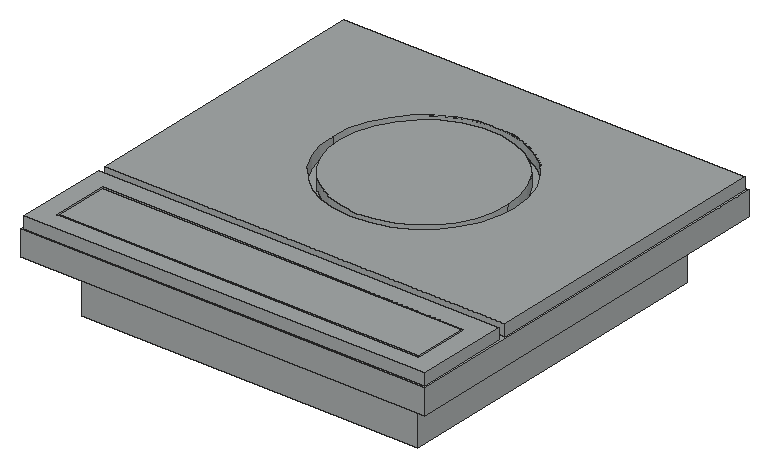
Revit family "Gira_5563902", category Electrical Fixtures, host Face, Revit 2017
Family settings
  Host = Face
  Maintain Annotation Orientation = Yes
  Round Connector Dimension = Use Diameter
  Part Type = Normal
  Cut with Voids When Loaded = No
  Shared = No
  Room Calculation Point = No
Parameters (values of type "Sprachmodul System 106 Verkehrsweiß(lack.)")
  URL = "http://katalog.gira.de/de_DE/datenblatt.html?artikelnr=5563902"
  Region = "DE"
  Name = "Sprachmodul System 106 Verkehrsweiß(lack.)"
  Model = "Sys106_Abdeckung_Schalten und Tasten"
  Manufacturer URL = "https://www.gira.de/"
  Installationstechnik = "Bus-System"
  Höhe = "0,1065 m"
  HeinzeBIM = "https://bimportal.heinze.de/bim/sprachmodul-system-106-verkehrsweiss-lack-/ca41bbf7fc05e0dbf5a309c3400c0a20e86a7b5f"
  HAN = "5563902"
  GTIN = "4010337022404"
  Farbe = "weiß"
  Edelstahl [instance] = Edelstahl
  Default Elevation = 1219.2 mm
  Data sheet (1) = "https://katalog.gira.de/de_DE/download.html?artikelnr=5563902"
  Category = "Funktionsmodul für Türkommunikation"
  Breite = "0,1065 m"
  Available = "Yes"
  Anzahl der Klingeltasten = "0 "
Reference planes
  plane 1 "Center (Front/Back)": y = 0
  plane 2 "Reference Level 0": z = 0
  plane 3 "Center (Left/Right)": x = 0
  plane 4 "Reference Level 1": z = 9.5
Forms (mm)
  Extrusion 1, solid, material "Edelstahl" <- "Edelstahl", detail levels coarse
    sketch origin (0, 0, 0) x (1, 0, 0) y (0, 1, 0)
      loop
        line (-53, 53) -> (-53, -53) -> (53, -53) -> (53, 53) -> (-53, 53)
    from -14.7 to 9.5
  Extrusion 2, solid, material "Edelstahl" <- "Edelstahl", detail levels fine
    sketch origin (0, 0, 0) x (1, 0, 0) y (0, 1, 0)
      loop
        line (52.5, -28) -> (-52.5, -28) -> (-52.5, -52.5) -> (52.5, -52.5) -> (52.5, -28)
      loop
        line (-47.5, -48) -> (47.5, -48) -> (47.5, -33) -> (-47.5, -33) -> (-47.5, -48)
    from 6.5 to 9.5
  Extrusion 3, solid, material "Edelstahl" <- "Edelstahl", detail levels fine
    sketch origin (0, 0, 0) x (1, 0, 0) y (0, 1, 0)
      loop
        line (-52.5, 52.5) -> (-52.5, -26) -> (52.5, -26) -> (52.5, 52.5) -> (-52.5, 52.5)
      loop
        circle (0, 13) r 24
    from 6.5 to 9.5
  Extrusion 4, solid, material "Edelstahl" <- "Edelstahl", detail levels medium+fine
    sketch origin (0, 0, 0) x (1, 0, 0) y (0, 1, 0)
      loop
        line (-53, 53) -> (-53, -53) -> (53, -53) -> (53, 53) -> (-53, 53)
    from 0 to 6.5
  Extrusion 5, solid, material "Edelstahl" <- "Edelstahl", detail levels fine
    sketch origin (0, 0, 0) x (1, 0, 0) y (0, 1, 0)
      loop
        line (-44, 44) -> (-44, -44) -> (44, -44) -> (44, 44) -> (-44, 44)
    from -14.7 to 0
  Extrusion 6, solid, material "Edelstahl" <- "Edelstahl", detail levels fine
    sketch origin (0, 0, 0) x (1, 0, 0) y (0, 1, 0)
      loop
        circle (0, 13) r 22
    from 6.5 to 9.5
  Extrusion 7, solid, material "Edelstahl" <- "Edelstahl", detail levels fine
    sketch origin (0, 0, 0) x (1, 0, 0) y (0, 1, 0)
      loop
        line (-47, -33.5) -> (-47, -47.5) -> (47, -47.5) -> (47, -33.5) -> (-47, -33.5)
    from 6.5 to 9.5
  Extrusion 8, solid, material "Edelstahl" <- "Edelstahl", detail levels medium
    sketch origin (0, 0, 0) x (1, 0, 0) y (0, 1, 0)
      loop
        line (-52.5, 52.5) -> (-52.5, -26) -> (52.5, -26) -> (52.5, 52.5) -> (-52.5, 52.5)
      loop
        line (-52.5, -28) -> (-52.5, -52.5) -> (52.5, -52.5) -> (52.5, -28) -> (-52.5, -28)
    from 6.5 to 9.5
  Extrusion 9, solid, material "Edelstahl" <- "Edelstahl", detail levels medium
    sketch origin (0, 0, 0) x (1, 0, 0) y (0, 1, 0)
      loop
        circle (0, 13) r 24
      loop
        line (-47.5, -33) -> (-47.5, -48) -> (47.5, -48) -> (47.5, -33) -> (-47.5, -33)
    from 6.5 to 9.5
Dimensions and locks
  aligned and locked: plane 2 "Reference Level 0" to host face
  aligned and locked: level to host face
  aligned and locked: Extrusion 4 to host face
  aligned and locked: Extrusion 4 to level
  aligned and locked: level to Extrusion 5
  aligned and locked: level to Extrusion 4
  aligned and locked: Extrusion 4 to plane 2 "Reference Level 0"
  aligned and locked: plane 2 "Reference Level 0" to Extrusion 5
  aligned and locked: plane 3 "Center (Left/Right)" to nested 1
  aligned and locked: plane 1 "Center (Front/Back)" to nested 1
Nested families
  nested 1: "Schalter" at (0, 0, 0), type "Schalter"
Connectors
  electrical at (0, 0, -14.7)
    settings: on Extrusion 5, index 1, voltage 220 V, apparent load 0 VA, apparent load phase1 0 VA, apparent load phase2 0 VA, apparent load phase3 0 VA, power factor 1, load classification "Other", number of poles 1, system type 30, power factor state 1, is connector primary yes, connector utility no, sub classification motor no, connector description ""
Definition of nested family "Schalter"
  Reference planes
    plane 1: y = 0
    plane 2: x = 0
  Lines and regions (mm)
    detail lines
      curve 1: circle (1.375, 2.778, 0) r 0.8 normal (0, 0, 1)
      curve 2: line (1.021, 2.061, 0) -> (0, 0, 0)
      curve 3: line (0, 0, 0) -> (-0.538, 0.266, 0)
  Dimensions and locks
    curve 2 to curve 2 = 2.3 mm
    curve 3 to curve 2 = 0.6 mm
    radius of curve 1 = 0.8 mm
